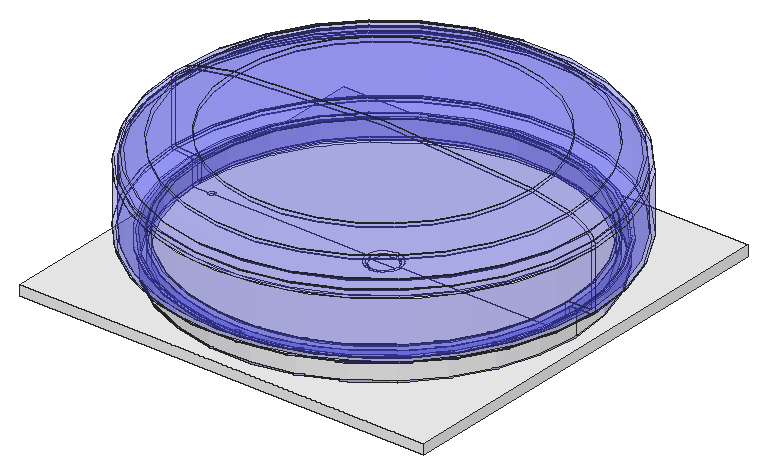
Revit family "BE_50037P_de_DE", category Leuchten, Revit 2020
Family settings
  Basisbauteil = Fläche
  Bemaßung runder Anschluss = Durchmesser verwenden
  Teiletyp = Normal
  Beim Laden mit Abzugskörper schneiden = Ja
  Lichtquelle = Ja
  Gemeinsam genutzt = Nein
  Raumberechnungspunkt = Ja
Parameters (values of type "BEGA_50037P_K4")
  built-in parameter 1150104 = 12.077 (stored number, unit not read)
  Wattage = 28.1 W
  Default Elevation = 0 mm
  built-in parameter 1150113 = 1 (stored number, unit not read)
  built-in parameter 1114218 = 1 (stored number, unit not read)
  Umgebungstemperatur = "25 °C"
  URL = "https://www.bega.com/de/produkt/50037P"
  Typenkommentare = "© 2022 BEGA. Wir behalten uns das Recht vor, technische Änderungen ohne vorherige Ankündigung vorzunehmen."  # constant formula
  built-in parameter 1150134 = (empty or 0)
  built-in parameter 1150109 = 1 (stored number, unit not read)
  Strom = ""
  built-in parameter 1150110 = 1 (stored number, unit not read)
  Spannung = 239.996 V
  Sonderanfertigung = no
  Seriennummer [instance] = "Hier können Sie die eindeutige Seriennummer für das Facility Management eintragen."
  Schutzklasse = "I"
  Schutzart = "IP 20"
  Scheinlast = 0 VA
  Produktdatenblatt = "http://www.bega.de/download/Xrfa/db/50037P.db.de.pdf"
  Oberflächentemperatur = ""
  Neigungswinkel = 0.00°
  Model = "50037PK2"
  Material_17 = BEGA_Reflektor
  Material_15 = BEGA_Leuchtmedium_matt
  Material_14 = BEGA_Kunststoff_opal
  Material_11 = BEGA_Glas_opal
  Material_09 = BEGA_Glas_klar
  Material_06 = BEGA_Oberfläche_Edelstahl_gebürstet
  Material_03 = BEGA_Oberfläche_Weiss_matt
  Material_02 = BEGA_Oberfläche_Silber_matt
  Material_01 [instance] = BEGA_Oberfläche_Grafit_matt
  M_W = no
  M_G = no
  M_A = no
  Logo = 0
  built-in parameter 1114217 = 1 (stored number, unit not read)
  built-in parameter 1150139 = (empty or 0)
  built-in parameter 1150105 = 877.1 (stored number, unit not read)
  built-in parameter 1150114 = 1 (stored number, unit not read)
  Lumens = 3653 lm
  built-in parameter 1150115 = 1 (stored number, unit not read)
  Leuchtenlichtstrom = "3047 lm"
  Leuchtenanzahl = ""
  Lebensdauerkriterien = "L70B50 @ 25 °C = 330000 h"
  Lastklassifizierung = Beleuchtung
  built-in parameter 1150112 = 1 (stored number, unit not read)
  Lampenlichtstrom = "3655 lm"
  Lamp = "LED 28.1 W"
  LED_Modulbezeichnung = "LED-0630/927"
  Hersteller = "BEGA"  # constant formula
  Halbstreuwinkel = ""
  Gewicht = ""
  Gebrauchslageneinschränkung [instance] = ""
  Frequenz = "0/50-60 Hz"
  Farbwiedergabeindex = "CRI > 90"
  Farbtemperaturverschiebung bei Dämpfen der Lampe = <Keine Auswahl>
  Farbtemperatur = "2700 K"
  Color Filter = 16777215
  built-in parameter 1150133 = 10 (stored number, unit not read)
  Energieeffizienzklasse = "LED A++ - A"
  built-in parameter 1150137 = (empty or 0)
  built-in parameter 1150132 = (empty or 0)
  ENEC = "ja"
  Dimmbar [instance] = "DALI"
  Photometric Web File = "BE_50037PK2.IES"
  CE_Konformität = "ja"
  Bestellnummer = "50037PK2"
  Beschreibung_Sonderanfertigung = "Hier können Sie Informationen zur Sonderanfertigung eintragen."
  Beschreibung = "Decken- und Wandleuchte"
  built-in parameter 1150106 = 8.771 (stored number, unit not read)
  Befestigungsbohrung = "Ø 6 mm"
  Befestigungsabstand = "340 mm"
  Ballwurfsicher = ""
  BEGA_Intern_aus = yes
  BEGA_Intern_an = yes
  BEGA_Intern_Konstruktion = yes
  BEGA_Intern = yes
  BEGA_IES = yes
  BEGA_Dummy = no
  Anschlussleitung = ""
  Anschlussleistung [instance] = "32.2 W"
  Anschlusskasten = ""
  built-in parameter 1150107 = 2700 (stored number, unit not read)
  built-in parameter 1150102 = (empty or 0)
  built-in parameter 1150138 = (empty or 0)
  Aktualisierung = "2020-05-11T04:00:10"
  Abstand_zur_angestrahlten_Fläche [instance] = ""
  AC/DC = "AC/DC"
Types (3, lengths in mm): name | built-in parameter 1150104 | built-in parameter 1150134 | Model | built-in parameter 1150105 | Lumens | Leuchtenlichtstrom | Lampenlichtstrom | LED_Modulbezeichnung | Farbtemperatur | Photometric Web File | Bestellnummer | built-in parameter 1150106 | built-in parameter 1150107
  BEGA_50037P_K4 | 12.635 (stored number, unit not read) | 12 | "50037PK4" | 304.11 (stored number, unit not read) | 3821.6 lm | "3735 lm" | "4480 lm" | "LED-0630/940" | "4000 K" | "BE_50037PK4.IES" | "50037PK4" | 3.0411 (stored number, unit not read) | 4000 (stored number, unit not read)
  BEGA_50037P_K3 | 12.18 (stored number, unit not read) | (empty or 0) | "50037PK3" | 884.47 (stored number, unit not read) | 3683.91 lm | "3590 lm" | "4305 lm" | "LED-0630/930" | "3000 K" | "BE_50037PK3.IES" | "50037PK3" | 8.8447 (stored number, unit not read) | 3000 (stored number, unit not read)
  BEGA_50037P_K27 | 12.635 (stored number, unit not read) | 12 | "50037PK27" | 304.11 (stored number, unit not read) | 3821.6 lm | "3473 lm" | "4165 lm" | "LED-0630/927" | "2700 K" | "BE_50037PK27.IES" | "50037PK27" | 3.0411 (stored number, unit not read) | 4000 (stored number, unit not read)
Reference planes
  plane 1 "Mitte (Vorne/Hinten)": y = 0
  plane 2: z = 0
  plane 3 "Mitte (Links/Rechts)": x = 0
  plane 4 "Links": x = -210
  plane 5 "Rechts": x = 210
  plane 6 "Unten": y = -210
  plane 7 "Oben": y = 210
  plane 8 "Vorne": z = 127.8
  plane 9 "Hinten": z = 0
Forms (mm)
  Extrusion 1, solid, material "BEGA_Platte_Weiss"
    sketch origin (0, -1119.2, 0) x (1, 0, 0) y (0, 1, 0)
      loop
        line (-200, 1319.2) -> (-200, 919.2) -> (200, 919.2) -> (200, 1319.2) -> (-200, 1319.2)
    from 0 to -10
  Extrusion 2, solid, material "BEGA_Dummy_matt", visible <- "BEGA_Dummy"
    sketch origin (77.149, -76.023, 0) x (1, 0, 0) y (0, 1, 0)
      loop
        circle (-77.149, 76.023) r 210
    from 0 to 127.8
Dimensions and locks
  plane 1 "Mitte (Vorne/Hinten)" to Extrusion 1 = 200 mm
  aligned and locked: plane 2 to Extrusion 1
  aligned and locked: level to Extrusion 1
Nested families
  nested 1: "BE_50037P" at (0, 0, 0) x (0, -1, 0) z (0, 0, 1), type "BE_50037P"
Connectors
  electrical at (0, 0, 0), driven by "Lastklassifizierung", driven by "Spannung", driven by "Scheinlast"
    settings: index 1, voltage 239.996 V, apparent load 0 VA, apparent load phase1 0 VA, apparent load phase2 0 VA, apparent load phase3 0 VA, power factor 1, load classification "Beleuchtung", number of poles 1, system type 31, power factor state 1, is connector primary yes, connector utility no, sub classification motor no, connector description ""
Definition of nested family "BE_50037P"
  Parameters (values of type "BE_50037P")
    Default Elevation = 1 mm
    URL = "http://www.bega.de/de/produkt"
    Type Comments = "© 2015 BEGA. Wir behalten uns das Recht vor, technische Änderungen ohne vorherige Ankündigung vorzunehmen. "  # constant formula
    Type Image = (empty or 0)
    Neigungswinkel_um_Z2 = 0.00°
    Neigungswinkel_um_Z1 = 0.00°
    Neigungswinkel_um_Y2 = 0.00°
    Neigungswinkel_um_Y1 = 0.00°
    Neigungswinkel_um_X2 = 0.00°
    Neigungswinkel_um_X1 = 0.00°
    Material_17 = none
    Material_15 = none
    Material_14 = none
    Material_11 = none
    Material_09 = none
    Material_06 = none
    Material_05 = none
    Material_03 = none
    Material_02 = none
    Material_01 = none
    M_W = yes
    M_G = yes
    M_A = yes
    Länge_Platte = 600 mm  # constant formula
    Höhe_Platte = -10 mm  # constant formula
    Manufacturer = "BEGA"  # constant formula
    Drehwinkel_um_Z2 = 0.00°
    Drehwinkel_um_Z1 = 0.00°
    Breite_Platte = 600 mm  # constant formula
  Reference planes
    plane 1 "Mitte (Oben/Unten)": y = 0
    plane 2: z = 0
    plane 3 "Mitte (Links/Rechts)": x = 0
    plane 4: y = 210
    plane 5: z = 127.8
    plane 6: y = -210
    plane 7: x = -210
    plane 8: x = 210
  Forms (mm)
    Extrusion 1, solid, detail levels medium
      sketch origin (0, 0, 0) x (1, 0, 0) y (0, 1, 0)
        loop
          line (-300, 300) -> (-300, -300) -> (300, -300) -> (300, 300) -> (-300, 300)
      from 0 to -10 <- "Höhe_Platte"
    Revolve 2, solid, material <- "Material_03", detail levels medium+fine
      sketch origin (0, 0, 0) x (0, 1, 0) y (0, 0, 1)
        loop
          arc (16.416, 3.3) -> (15.11, 2.929) -> (14.191, 1.93) r 2.5
          arc (14.191, 1.93) -> (13.639, 1.325) -> (12.852, 1.1) r 1.5
          line (12.852, 1.1) -> (0.002, 1.1) -> (0.002, 0.1) -> (13.076, 0.1)
          arc (13.076, 0.1) -> (14.387, 0.471) -> (15.313, 1.475) r 2.5
          arc (15.313, 1.475) -> (15.866, 2.077) -> (16.653, 2.3) r 1.5
          line (16.653, 2.3) -> (188.667, 2.3)
          arc (188.667, 2.3) -> (190.064, 2.868) -> (190.667, 4.25) r 2
          line (190.667, 4.25) -> (191.038, 25.509)
          arc (191.038, 25.509) -> (191.277, 26.071) -> (191.842, 26.3) r 0.8
          line (191.842, 26.3) -> (194, 26.3) -> (194, 27.3) -> (191.844, 27.3)
          arc (191.844, 27.3) -> (190.578, 26.786) -> (190.038, 25.531) r 1.8
          line (190.038, 25.531) -> (189.667, 4.275)
          arc (189.667, 4.275) -> (189.365, 3.584) -> (188.667, 3.3) r 1
          line (188.667, 3.3) -> (16.416, 3.3)
        axis (0.002, 0.1) -> (0.002, 27.3)
      angle from 0 to 360
    Revolve 3, solid, material <- "Material_03", detail levels medium+fine
      sketch origin (87.5, 0, 0) x (0, 1, 0) y (0, 0, 1)
        loop
          line (151.554, 0) -> (151.554, 2.691) -> (145.799, 2.691)
          arc (145.799, 2.691) -> (148.377, 0.706) -> (151.554, 0) r 7.5
        axis (151.554, 2.691) -> (151.554, 0)
      angle from 0 to 360
    Extrusion 4, void
      sketch origin (0, 0, 0) x (1, 0, 0) y (0, 1, 0)
        loop
          circle (163, 18) r 8.5
        loop
          circle (163, -18) r 8.5
        loop
          circle (0, 170) r 3
        loop
          circle (0, -170) r 3
      from 0 to 7.205
    Revolve 5, solid, material <- "Material_14", detail levels medium+fine
      sketch origin (0, 0, 0) x (0, 1, 0) y (0, 0, 1)
        loop
          arc (185.037, 111.947) -> (166.501, 116.443) -> (147.656, 119.387) r 230
          arc (147.656, 119.387) -> (73.948, 125.695) -> (0, 127.8) r 1299.91
          line (0, 127.8) -> (0, 123.8)
          arc (0, 123.8) -> (73.763, 121.699) -> (147.287, 115.403) r 1295.91
          arc (147.287, 115.403) -> (165.775, 112.509) -> (183.961, 108.094) r 226
          arc (183.961, 108.094) -> (193.162, 104.323) -> (201.339, 98.662) r 46
          arc (201.339, 98.662) -> (203.744, 95.883) -> (205.275, 92.542) r 13
          arc (205.275, 92.542) -> (205.818, 90.189) -> (206, 87.78) r 16
          line (206, 87.78) -> (206, 32.958) -> (182.901, 31.748)
          arc (182.901, 31.748) -> (180.841, 30.798) -> (180, 28.691) r 3.061
          line (180, 28.691) -> (180, 10.3) -> (184, 10.3) -> (184, 26.851)
          arc (184, 26.851) -> (184.275, 27.539) -> (184.948, 27.85) r 1
          line (184.948, 27.85) -> (207.172, 29.014)
          arc (207.172, 29.014) -> (209.181, 29.95) -> (210, 32.009) r 3
          line (210, 32.009) -> (210, 87.839)
          arc (210, 87.839) -> (209.678, 91.376) -> (208.735, 94.8) r 20
          arc (208.735, 94.8) -> (206.78, 98.538) -> (203.964, 101.679) r 17
          arc (203.964, 101.679) -> (195.06, 107.844) -> (185.037, 111.947) r 50
        axis (0, 127.8) -> (0, 10.3)
      angle from 0 to 360
    Revolve 6, solid, material <- "Material_03", detail levels medium+fine
      sketch origin (-43.75, -75.777, 0) x (0.866025, -0.5, 0) y (0, 0, 1)
        loop
          line (151.554, 0) -> (151.554, 2.691) -> (145.799, 2.691)
          arc (145.799, 2.691) -> (148.377, 0.706) -> (151.554, 0) r 7.5
        axis (151.554, 2.691) -> (151.554, 0)
      angle from 0 to 360
    Revolve 7, solid, material <- "Material_03", detail levels medium+fine
      sketch origin (-43.75, 75.777, 0) x (-0.866025, -0.5, 0) y (0, 0, 1)
        loop
          line (151.554, 0) -> (151.554, 2.691) -> (145.799, 2.691)
          arc (145.799, 2.691) -> (148.377, 0.706) -> (151.554, 0) r 7.5
        axis (151.554, 2.691) -> (151.554, 0)
      angle from 0 to 360
  Cuts and joins
    Extrusion 4 cuts Revolve 2
    Extrusion 4 cuts Revolve 3
    joined: Revolve 2, Revolve 3, Revolve 6, Revolve 7
  Dimensions and locks
    equal spacing: Extrusion 1 sketch curve, plane 3 "Mitte (Links/Rechts)", Extrusion 1 sketch curve
    equal spacing: Extrusion 1 sketch curve, plane 1 "Mitte (Oben/Unten)", Extrusion 1 sketch curve
    "Länge_Platte": Extrusion 1 sketch curve to Extrusion 1 sketch curve
    "Breite_Platte": Extrusion 1 sketch curve to Extrusion 1 sketch curve
    aligned and locked: Extrusion 1 to plane 2
    aligned and locked: level to Extrusion 1
  Automatic sketch dimensions
    Revolve 2 sketch curve to Revolve 2 sketch curve = 0 mm  (x14)
    level to Revolve 2 sketch curve = 2.6 mm
    Revolve 2 sketch curve to plane 1 "Mitte (Oben/Unten)" = 12.849 mm
    Revolve 2 sketch curve to Revolve 2 sketch curve = 0.003 mm
    Revolve 2 sketch curve to Revolve 2 sketch curve = 0.227 mm
    Revolve 2 sketch curve to Revolve 2 sketch curve = 3.34 mm
    level to Revolve 2 sketch curve = 0.8 mm
    Revolve 2 sketch curve to Revolve 2 sketch curve = 0.005 mm
    Revolve 2 sketch curve to Revolve 2 sketch curve = 0.236 mm
    level to Revolve 2 sketch curve = 3.3 mm
    level to Revolve 2 sketch curve = 4.275 mm
    Revolve 2 sketch curve to Revolve 2 sketch curve = 1 mm  (x6)
    level to Revolve 2 sketch curve = 4.25 mm
    Revolve 2 sketch curve to Revolve 2 sketch curve = 0.8 mm
    Revolve 2 sketch curve to Revolve 2 sketch curve = 0.004 mm  (x2)
    Revolve 2 sketch curve to Revolve 2 sketch curve = 0.002 mm
    Revolve 2 sketch curve to Revolve 2 sketch curve = 2.158 mm
    level to Revolve 2 sketch curve = 0.1 mm
    Revolve 2 sketch curve to Revolve 2 sketch curve = 21.25 mm
    Revolve 2 sketch curve to Revolve 2 sketch curve = 0.009 mm
    Revolve 2 sketch curve to plane 1 "Mitte (Oben/Unten)" = 0.002 mm
    Revolve 2 sketch curve to Revolve 2 sketch curve = 1.118 mm
    Revolve 3 sketch curve to Revolve 3 sketch curve = 0 mm  (x3)
    Revolve 3 sketch curve to Revolve 3 sketch curve = 4.809 mm
    Revolve 3 sketch curve to Revolve 3 sketch curve = 2.309 mm
    Revolve 3 sketch curve to Revolve 3 sketch curve = 5.756 mm
    Revolve 6 sketch curve to Revolve 6 sketch curve = 0 mm  (x3)
    Revolve 6 sketch curve to Revolve 6 sketch curve = 4.809 mm
    Revolve 6 sketch curve to Revolve 6 sketch curve = 2.309 mm
    Revolve 6 sketch curve to Revolve 6 sketch curve = 5.756 mm
    Revolve 7 sketch curve to Revolve 7 sketch curve = 0 mm  (x3)
    Revolve 7 sketch curve to Revolve 7 sketch curve = 4.809 mm
    Revolve 7 sketch curve to Revolve 7 sketch curve = 2.309 mm
    Revolve 7 sketch curve to Revolve 7 sketch curve = 5.756 mm
    Revolve 3 sketch curve to level = 0 mm
    Revolve 6 sketch curve to level = 0 mm
    level to Revolve 7 sketch curve = 0 mm
    plane 1 "Mitte (Oben/Unten)" to Extrusion 4 sketch curve = 18 mm
    Extrusion 4 sketch curve to plane 1 "Mitte (Oben/Unten)" = 18 mm
    Revolve 5 sketch curve to Revolve 5 sketch curve = 0 mm  (x18)
    plane 1 "Mitte (Oben/Unten)" to Revolve 5 sketch curve = 0 mm
    Revolve 5 sketch curve to plane 1 "Mitte (Oben/Unten)" = 0.006 mm
    Revolve 5 sketch curve to Revolve 5 sketch curve = 2.901 mm
    Revolve 5 sketch curve to Revolve 5 sketch curve = 3.061 mm
    Revolve 5 sketch curve to Revolve 5 sketch curve = 4 mm  (x3)
    Revolve 5 sketch curve to Revolve 5 sketch curve = 1 mm  (x2)
    Revolve 5 sketch curve to Revolve 5 sketch curve = 2.81 mm
    Revolve 5 sketch curve to Revolve 5 sketch curve = 13.19 mm
    Revolve 5 sketch curve to Revolve 5 sketch curve = 0.172 mm
    Revolve 5 sketch curve to level = 1172.111 mm
    Revolve 5 sketch curve to level = 109.132 mm
    level to Revolve 5 sketch curve = 10.3 mm
    Revolve 5 sketch curve to Revolve 5 sketch curve = 16.551 mm
    Revolve 5 sketch curve to Revolve 5 sketch curve = 1.84 mm
    Revolve 5 sketch curve to Revolve 5 sketch curve = 2.163 mm
    Revolve 5 sketch curve to Revolve 5 sketch curve = 2.995 mm
    Revolve 5 sketch curve to Revolve 5 sketch curve = 0.949 mm
    Revolve 5 sketch curve to Revolve 5 sketch curve = 32.146 mm
    Revolve 5 sketch curve to Revolve 5 sketch curve = 0.02 mm
    Revolve 5 sketch curve to Revolve 5 sketch curve = 0.059 mm
    Revolve 5 sketch curve to Revolve 5 sketch curve = 1.05 mm
    Revolve 5 sketch curve to Revolve 5 sketch curve = 0.369 mm
    Revolve 5 sketch curve to Revolve 5 sketch curve = 6.039 mm
    Revolve 5 sketch curve to Revolve 5 sketch curve = 0.052 mm
    Revolve 5 sketch curve to Revolve 5 sketch curve = 2.626 mm
    Revolve 5 sketch curve to Revolve 5 sketch curve = 3.46 mm
    Revolve 5 sketch curve to Revolve 5 sketch curve = 23.886 mm
    level to Revolve 5 sketch curve = 123.8 mm
    Revolve 5 sketch curve to Revolve 5 sketch curve = 1.076 mm
    Revolve 5 sketch curve to Revolve 5 sketch curve = 4.661 mm
    Revolve 5 sketch curve to Revolve 5 sketch curve = 0.725 mm
    Revolve 5 sketch curve to Revolve 5 sketch curve = 6.968 mm
    Revolve 2 sketch curve to Revolve 2 sketch curve = 172.015 mm
    Revolve 2 sketch curve to Revolve 2 sketch curve = 0.371 mm
    Revolve 3 sketch curve to plane 1 "Mitte (Oben/Unten)" = 145.799 mm
    Revolve 5 sketch curve to plane 1 "Mitte (Oben/Unten)" = 121.603 mm
    Revolve 5 sketch curve to plane 1 "Mitte (Oben/Unten)" = 171.218 mm
    Revolve 5 sketch curve to Revolve 5 sketch curve = 8.782 mm
    Revolve 5 sketch curve to Revolve 5 sketch curve = 18.782 mm
    Revolve 5 sketch curve to Revolve 5 sketch curve = 36.674 mm
    Extrusion 4 sketch curve to plane 3 "Mitte (Links/Rechts)" = 0 mm  (x2)
    plane 3 "Mitte (Links/Rechts)" to Extrusion 4 sketch curve = 163 mm
    Extrusion 4 sketch curve to Extrusion 4 sketch curve = 0 mm
    plane 6 to Extrusion 4 sketch curve = 40 mm
    plane 4 to Extrusion 4 sketch curve = 40 mm
    radius of Extrusion 4 sketch curve = 8.5 mm  (x2)
    radius of Extrusion 4 sketch curve = 3 mm  (x2)
